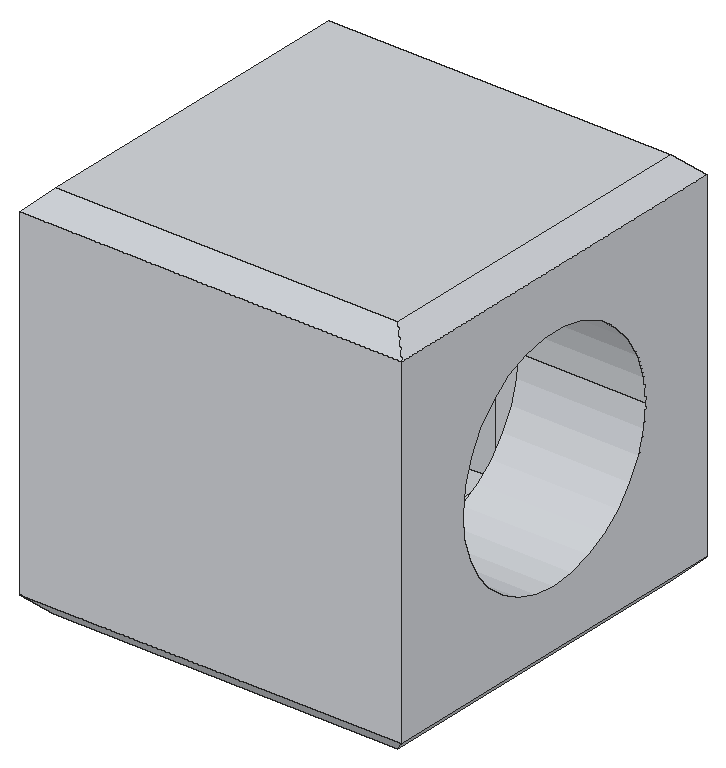
Revit family "BKEF-RH", category Mechanical Equipment, Revit 2019
Family settings
  Round Connector Dimension = Use Diameter
  Part Type = Breaks Into
  OmniClass Number = 23.75.00.00
  OmniClass Title = Climate Control (HVAC)
  Work Plane-Based = No
  Always vertical = Yes
  Cut with Voids When Loaded = No
  Shared = No
  Room Calculation Point = No
Parameters (values of type "BKEF-RH 280M")
  Weight = 38.00 kg
  Voltage = 230 V
  URL = "http://www.bahcivanmotor.com.tr/index.php"
  Speed ( d/d ) = 2840
  Sound Pressure Level dB(A) = 65
  RD = A / 3  # 166.667 mm
  R = 150 mm
  Protection Class = 55
  Power = 750 W
  Model = "BKEF-RH"
  Material = none
  Manufacturer = "Bahçıvan Elektrik Motor San. ve Tic. Ltd. Şti."
  Insulation Class = "F"
  Frequency = 50 Hz
  Description = "Duct Fan"
  D = 2 * R + 50 mm  # 350 mm
  Capacitor = 30
  C = 420 mm
  B = 500 mm
  Air Flow = 3600.0 m³/h
  Current = 5 A
  A = 500 mm
Types (4, lengths in mm): name | Weight | Voltage | Speed ( d/d ) | Sound Pressure Level dB(A) | Power | Capacitor | B | Air Flow | Current
  BKEF-RH 280M | 38.00 kg | 230 V | 2840 | 65 | 750 W | 30 | 500 | 3600.0 m³/h | 5 A
  BKEF-RH 315M | 41.00 kg | 230 V | 2865 | 68 | 1500 W | 40 | 540 | 5000.0 m³/h | 9.8 A
  BKEF-RH 280T | 38.00 kg | 380 V | 2840 | 65 | 750 W | 0 | 500 | 3600.0 m³/h | 1.8 A
  BKEF-RH 315T | 41.00 kg | 380 V | 2865 | 68 | 1500 W | 0 | 540 | 5000.0 m³/h | 3.3 A
Reference planes
  plane 1 "Center (Front/Back)": y = 0
  plane 2: z = 0
  plane 3 "Center (Left/Right)": x = 0
  plane 4: z = 500
  plane 5: x = -250
  plane 6: x = 250
  plane 7: y = 250
  plane 8: y = -250
  plane 9: y = 210
  plane 10: y = -210
  plane 11: z = 460
  plane 12: z = 40
  plane 13: z = 250
  plane 14: x = 33.333
  plane 15: x = 83.333
  plane 16: x = -200
Forms (mm)
  Extrusion 1, solid
    sketch origin (0, 0, 0) x (1, 0, 0) y (0, 1, 0)
      loop
        line (-250, 250) -> (-250, -250) -> (250, -250) -> (250, 250) -> (-250, 250)
    from 0 to 500
  Extrusion 2, void
    sketch origin (650, 841.548, 5.735) x (0, -1, 0) y (0, 0, -1)
      loop
        circle (841.548, -244.265) r 150
    from -400 to -566.667
  Extrusion 3, void
    sketch origin (250, 250, 0) x (0, -1, 0) y (0, 0, -1)
      loop
        line (40, -460) -> (460, -460) -> (460, -40) -> (40, -40) -> (40, -460)
    from -500 to -450
  Extrusion 4, void
    sketch origin (83.333, 841.548, 5.735) x (0, 1, 0) y (0, 0, -1)
      loop
        line (-666.548, -419.265) -> (-666.548, -69.265) -> (-1016.548, -69.265) -> (-1016.548, -419.265) -> (-666.548, -419.265)
    from 0 to 50
  Blend 5, void
    base sketch origin (33.333, 841.548, 5.735) x (0, 1, 0) y (0, 0, -1)
      loop
        line (-666.548, -419.265) -> (-666.548, -69.265) -> (-1016.548, -69.265) -> (-1016.548, -419.265) -> (-666.548, -419.265)
    top sketch origin (-200, 250, 0) x (0, -1, 0) y (0, 0, -1)
      loop
        line (40, -460) -> (460, -460) -> (460, -40) -> (40, -40) -> (40, -460)
    from 0 to 0
  Extrusion 6, solid
    sketch origin (-250, -250, 0) x (0, 1, 0) y (0, 0, -1)
      loop
        line (460, -460) -> (460, -40) -> (40, -40) -> (40, -460) -> (460, -460)
    from -50 to 0
  Sweep 7, void
    path in 3D
      loop
        line (-250, 250, 500) -> (-250, -250, 500) -> (250, -250, 500) -> (250, 250, 500) -> (-250, 250, 500)
    profile origin (0, 250, 500) x (0, -1, 0) y (0, 0, 1)
      loop
        line (0, 0) -> (0, -25.8) -> (25.8, 0) -> (0, 0)
  Sweep 8, void
    path in 3D
      loop
        line (-250, -250, 0) -> (-250, 250, 0) -> (250, 250, 0) -> (250, -250, 0) -> (-250, -250, 0)
    profile origin (0, -250, 0) x (0, 1, 0) y (0, 0, -1)
      loop
        line (0, 0) -> (0, -24.907) -> (24.907, 0) -> (0, 0)
Cuts and joins
  Extrusion 2, Extrusion 3, Extrusion 4, Blend 5, Sweep 7, Sweep 8 cuts Extrusion 1
Lines and regions (mm)
  model lines, not visible
    curve 1: line (-250, 250, 500) -> (-250, -250, 500)
    curve 2: line (-250, -250, 500) -> (250, -250, 500)
    curve 3: line (250, -250, 500) -> (250, 250, 500)
    curve 4: line (250, 250, 500) -> (-250, 250, 500)
  sketch lines
    curve 5: line (250, 250, 500) -> (-250, 250, 500)
    curve 6: line (250, -250, 500) -> (250, 250, 500)
    curve 7: line (-250, -250, 500) -> (250, -250, 500)
    curve 8: line (-250, 250, 500) -> (-250, -250, 500)
    curve 9: line (250, -250, 0) -> (-250, -250, 0)
    curve 10: line (250, 250, 0) -> (250, -250, 0)
    curve 11: line (-250, 250, 0) -> (250, 250, 0)
    curve 12: line (-250, -250, 0) -> (-250, 250, 0)
Dimensions and locks
  equal spacing: plane 5, plane 3 "Center (Left/Right)", plane 6
  equal spacing: plane 7, plane 1 "Center (Front/Back)", plane 8
  "A": plane 7 to plane 8
  "B": plane 5 to plane 6
  "A": plane 4 to plane 2
  equal spacing: plane 9, plane 1 "Center (Front/Back)", plane 10
  "C": plane 9 to plane 10
  equal spacing: plane 11, plane 13, plane 12
  "C": plane 11 to plane 12
  equal spacing: plane 4, plane 13, level
  locked: Extrusion 2 sketch curve to plane 13 at 0
  locked: plane 1 "Center (Front/Back)" to Extrusion 2 sketch curve
  equal spacing: Extrusion 4 sketch curve, plane 13, Extrusion 4 sketch curve
  equal spacing: Extrusion 4 sketch curve, plane 1 "Center (Front/Back)", Extrusion 4 sketch curve
  "D": Extrusion 4 sketch curve to Extrusion 4 sketch curve  (x2)
  locked: plane 5 to plane 16 at 50
  locked: plane 14 to plane 15 at 50
  "RD": plane 15 to plane 6
  radius of cut or joined group of Extrusion 1, Extrusion 2, Extrusion 3, Extrusion 4, Blend 5, Sweep 7, Sweep 8 = 150 mm
  aligned and locked: level to plane 2
  aligned and locked: Extrusion 1 sketch curve to plane 7
  aligned and locked: Extrusion 1 sketch curve to plane 6
  aligned and locked: plane 8 to Extrusion 1 sketch curve
  aligned and locked: plane 5 to Extrusion 1 sketch curve
  aligned and locked: Extrusion 1 to level
  aligned and locked: plane 4 to Extrusion 1
  aligned and locked: Extrusion 1 to Extrusion 3
  aligned and locked: plane 11 to Extrusion 3
  aligned and locked: Extrusion 3 to plane 10
  aligned and locked: Extrusion 3 to plane 9
  aligned and locked: Extrusion 3 to plane 12
  aligned and locked: Blend 5 to Extrusion 3
  aligned and locked: Blend 5 to Extrusion 4
  aligned and locked: plane 15 to Extrusion 2
  aligned and locked: plane 16 to Extrusion 3
  aligned and locked: plane 14 to Extrusion 4
  aligned and locked: cut or joined group of Extrusion 1, Extrusion 2, Extrusion 3, Extrusion 4, Blend 5, Sweep 7, Sweep 8 to Extrusion 6  (x4)
  aligned and locked: plane 6 to Extrusion 2
  aligned and locked: Extrusion 6 to cut or joined group of Extrusion 1, Extrusion 2, Extrusion 3, Extrusion 4, Blend 5, Sweep 7, Sweep 8
Automatic sketch dimensions
  Extrusion 1 to Extrusion 3 sketch curve = 40 mm  (x2)
  Extrusion 1 to Extrusion 3 sketch curve = 460 mm  (x2)
  Extrusion 4 to Blend 5 sketch curve = 0 mm
  Blend 5 sketch curve to Extrusion 4 = 0 mm  (x3)
  Blend 5 sketch curve to Extrusion 3 = 0 mm  (x3)
  Extrusion 3 to Blend 5 sketch curve = 0 mm
  Extrusion 6 sketch curve to Extrusion 1 = 40 mm
  Extrusion 1 to Extrusion 6 sketch curve = 40 mm  (x3)
  curve 1 to Extrusion 1 = 0 mm  (x2)
  Extrusion 1 to curve 2 = 0 mm
  curve 2 to Extrusion 1 = 0 mm
  Sweep 8 sketch curve to profile plane = 0 mm
  profile plane to Sweep 8 sketch curve = 0 mm
  Sweep 8 sketch curve to profile plane = 24.907 mm  (x2)
  Sweep 7 sketch curve to profile plane = 0 mm  (x2)
  Sweep 7 sketch curve to profile plane = 25.8 mm  (x2)
  radius of Extrusion 2 sketch curve = 150 mm
Connectors
  hvac at (-250, 0, 250), driven by "C", driven by "C", driven by "Air Flow"
    settings: on cut or joined group of Extrusion 1, Extrusion 2, Extrusion 3, Extrusion 4, Blend 5, Sweep 7, Sweep 8, index 1, duct flow 3600.0 m³/h, flow factor 0, pres drop 0.0 Pa, loss coef 0, conn angle 0.00°, conn width 420 mm, conn height 420 mm, conn diameter 609.6 mm, duct sys type 1, conn prof type 1, flow config 0, flow direction 0, loss method 0, conn ref index -1, conn util no, is conn primary yes, conn desc ""
